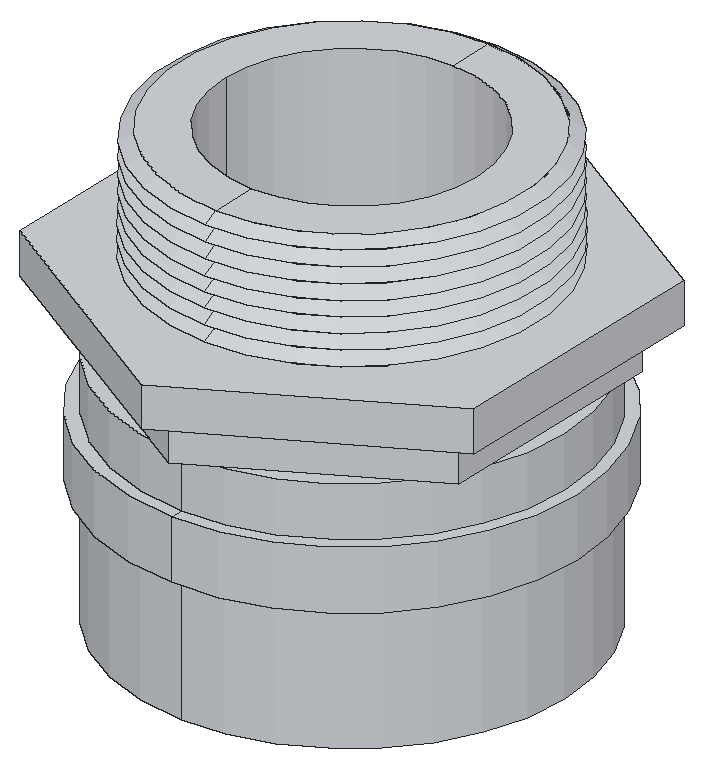
Revit family "FCFG25N", category Generic Models, Revit 2017
Family settings
  Can host rebar = No
  Round Connector Dimension = Use Diameter
  Part Type = Normal
  Work Plane-Based = Yes
  Always vertical = No
  Cut with Voids When Loaded = No
  Shared = No
  Room Calculation Point = No
Parameters (values of type "NBS Standard Parameters")
  Weight = "0.07kg"
  WarrantyStartDate [instance] = "1900-12-31T23:59:59"
  WarrantyGuarantorParts = "12 Months"
  WarrantyGuarantorLabor = "n/a"
  WarrantyDurationUnit = "12 Months"
  WarrantyDurationParts = "n/a"
  WarrantyDurationLabor = "n/a"
  WarrantyDescription = "n/a"
  Version = "1"
  Uniclass2 = "Pr_65_70_11_30"
  URL = "www.metpro.co.uk"
  TagNumber [instance] = "n/a"
  SustainabilityPerformance = "n/a"
  Size = "25mm"
  Shape = "Circular"
  SerialNumber [instance] = "n/a"
  Revision = "n/a"
  ReplacementCost = "n/a"
  ProductInformation = "www.metpro.co.uk/pdf/FCFG25N.pdf"
  NominalWidth = 30 mm
  NominalLength = 28 mm
  NominalHeight = 30 mm
  Name = "FCFG25N - FLEXICONDUIT ADAPTOR"
  NBSTypeID = "n/a"
  NBSReference = "90-55-10/360"
  NBSOfficeMasterTag = "n/a"
  NBSNote = "n/a"
  NBSDescription = "Flexible Conduit"
  NBSCertification = "n/a"
  ModelReference = "Flexiconduit fittings"
  ModelNumber = "FCFG25N"
  Material = "Brass"
  ManufacturerURL = "www.metpro.co.uk"
  ManufacturerName = "Metpro ltd"
  Manufacturer = "Metpro Limited"
  Keynote = "IP54 Rated"
  InstallationDate [instance] = "1900-12-31T23:59:59"
  IfcExportType = ""
  IfcExportAs = ""
  Grade = "n/a"
  Finish = "Nickel Plated"
  Features = "n/a"
  ExpectedLife = "n/a"
  DurationUnit = "1 Year"
  Description = "FCFG25N - 25mm Fixed Adaptor"
  Default Elevation = 1219.2 mm
  Constituents = "n/a"
  Color = "Brass"
  CodePerformance = "n/a"
  Category = "n/a"
  BarCode [instance] = "n/a"
  BIMObjectName = "Metpro_Metprolibrary_Flexiconduit_Conduitaccessories"
  Author = "Metpro"
  AssetType = "Fixed"
  AssetIdentifier [instance] = "n/a"
  AccessibilityPerformance = "n/a"
Reference planes
  plane 1 "Center (Front/Back)": y = 0
  plane 2: z = -49.367
  plane 3 "Center (Left/Right)": x = 0
Forms (mm)
  Revolve 1, solid
    sketch origin (0, 0, 0) x (0, 1, 0) y (0, 0, 1)
      loop
        line (97.76, -13.393) -> (97.76, 2.633) -> (96.747, 2.633) -> (96.747, -13.393) -> (97.76, -13.393)
      axis (106.747, -13.393) -> (106.747, 2.633)
    angle from 0 to 360
  Extrusion 2, solid
    sketch origin (0, 106.747, 2.633) x (-1, 0, 0) y (0, -1, 0)
      loop
        line (13.398, 7.735) -> (0, 15.471) -> (-13.398, 7.735) -> (-13.398, -7.735) -> (0, -15.471) -> (13.398, -7.735) -> (13.398, 7.735)
      loop
        circle (0, 0) r 8.987
    from 0 to 3
  Revolve 3, solid
    sketch origin (0, 0, 0) x (0, 1, 0) y (0, 0, 1)
      loop
        line (106.747, 16.13) -> (95.246, 16.13) -> (94.405, 15.645) -> (95.29, 15.133) -> (94.398, 14.618) -> (95.283, 14.106) -> (94.397, 13.595) -> (95.271, 13.091) -> (94.373, 12.572) -> (95.213, 12.087) -> (94.369, 11.6) -> (95.199, 11.121) -> (94.334, 10.621) -> (95.175, 10.136) -> (94.32, 9.642) -> (95.228, 9.117) -> (94.346, 8.608) -> (95.189, 8.122) -> (94.355, 7.64) -> (95.2, 7.152) -> (94.357, 6.666) -> (95.211, 6.666) -> (95.211, 5.633) -> (106.747, 5.633) -> (106.747, 16.13)
      axis (106.747, 5.633) -> (106.747, 16.13)
    angle from 0 to 360
  Extrusion 4, void
    sketch origin (0, 106.747, 16.13) x (0, -1, 0) y (-1, 0, 0)
      loop
        circle (0, 0) r 8.504
    from 0 to 13.5
  Extrusion 5, solid
    sketch origin (0, 106.747, 5.633) x (-1, 0, 0) y (0, -1, 0)
      loop
        line (-15.325, -8.848) -> (0, -17.696) -> (15.325, -8.848) -> (15.325, 8.848) -> (0, 17.696) -> (-15.325, 8.848) -> (-15.325, -8.848)
      loop
        circle (0, 0) r 11.571
    from 0 to 2.7
  Revolve 6, solid
    sketch origin (0, 0, 0) x (0, 1, 0) y (0, 0, 1)
      loop
        line (94.753, 2.633) -> (92.367, 2.633) -> (92.367, -0.749) -> (91.516, -0.749) -> (91.516, -4.719) -> (92.367, -4.719) -> (92.367, -13.393) -> (93.151, -13.393) -> (93.151, 0.751) -> (94.753, 0.751) -> (94.753, 2.633)
      axis (106.747, 2.633) -> (106.747, -13.393)
    angle from 0 to 360
Cuts and joins
  Extrusion 4 cuts Revolve 3
Dimensions and locks
  aligned and locked: level to plane 2
